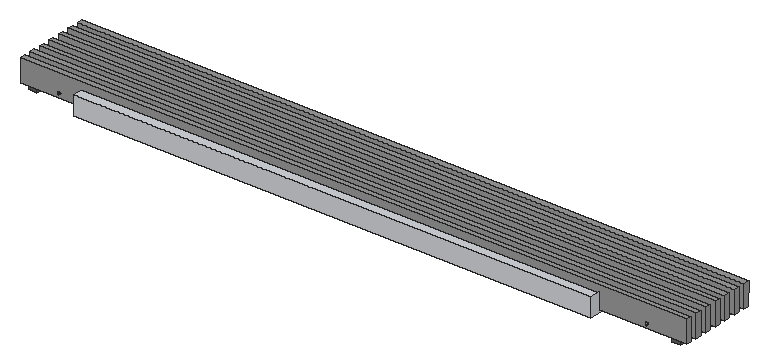
Revit family "1214-7, Solid", category Generic Models, host Face, Revit 2020
Family settings
  Host = Face
  Can host rebar = No
  Round Connector Dimension = Use Diameter
  Part Type = Normal
  Cut with Voids When Loaded = No
  Shared = No
  Room Calculation Point = No
Parameters
  min_value [instance] = 1' - 11 1/4"  # constant formula
  max_value [instance] = 11' - 11 1/4"  # constant formula
  actual_value [instance] = if(NET LENGTH < min_value, min_value, if(NET LENGTH > max_value, max_value, NET LENGTH))  # 7' - 11 1/4"
  NET LENGTH [instance] = 7' - 11 1/4"
  IMPORTANT NOTE!!!                                                                             *Backer & dowel layout is for visualization purposes only, final layout to be determined by 9Wood. [instance] = ""
  Default Elevation = 4' - 0"
  DOWEL RADIUS [instance] = 0' - 0 1/4"  # constant formula
  BACKING M MATERIAL [instance] = BLACK-BACKERS
  .. MEMBER WIDTH [instance] = 0' - 0 3/4"  # constant formula
  .. MEMBER MATERIAL [instance] = Solid Western Hemlock
  .. MEMBER DEPTH [instance] = 0' - 3 1/4"  # constant formula
  .. MEMBER COUNT [instance] = 7  # constant formula
Reference planes (in)
  plane 1 "Center (Front/Back)": y = 0
  plane 2: z = 2.726
  plane 3 "Center (Left/Right)": x = 0
Forms (in)
  Extrusion 1, solid
    sketch origin (15, -0.86619, -0.99308) x (0, 1, 0) y (-1, 0, 0)
      loop
        line (3.42869, -23.66817) -> (3.42869, 50.25) -> (-10, 50.25) -> (-10, -23.66817) -> (3.42869, -23.66817)
    from 3.71908 to 1.00111
Dimensions and locks (in)
  aligned and locked: plane 2 to Extrusion 1
Nested families (in)
  nested 1: "1200 Series" at (-44, -2, 1.87867), NET LENGTH <- "actual_value", DOWEL RADII <- "DOWEL RADIUS", .. MEMBER WIDTH <- ".. MEMBER WIDTH", .. MEMBER DEPTH <- ".. MEMBER DEPTH", .. MEMBER MATERIAL <- ".. MEMBER MATERIAL", BACKING M MATERIAL <- "BACKING M MATERIAL", .. MEMBER COUNT <- ".. MEMBER COUNT", type "1200 Series"
    with X 7' - 4", WIDTH 1' - 0 1/16", Space 0' - 0 11/16", START 0' - 0 3/8", SCRIM MATERIAL SCRIM, SCRIM 3 8' - 1", SCRIM 2 0' - 0 7/8", SCRIM 1 0' - 0 3/32", SCRIM yes, NET LENGTH 7' - 11 1/4", N 8, INSET 3 0' - 0 3/16", INSET 0' - 1", INDEX 0' - 5 5/8", END BACKER yes, DOWEL RADII 0' - 0 1/4", DOWEL COUNT 8, BACKING M WIDTH 0' - 1 1/4", BACKING M MATERIAL BLACK-BACKERS, BACKING M LENGTH 0' - 11 7/8", BACKING M DEPTH 0' - 0 1/2", .. MEMBER WIDTH 0' - 0 3/4", .. MEMBER OC TYP 0' - 1.71429", .. MEMBER MATERIAL Solid Western Hemlock, .. MEMBER DEPTH 0' - 3 1/4", .. MEMBER COUNT 7
Definition of nested family "1200 Series"
  Parameters (values of type "1200 Series")
    X [instance] = NET LENGTH - (0' 3 5/8" * 2)  # 6' - 2"
    WIDTH [instance] = 1' - 0 1/16"
    Space [instance] = 0' - 0 11/16"  # constant formula
    START [instance] = .. MEMBER WIDTH / 2  # 0' - 0 3/8"
    SCRIM MATERIAL [instance] = none
    SCRIM 3 [instance] = NET LENGTH + (SCRIM 2 * 2)  # 6' - 11"
    SCRIM 2 [instance] = 0' - 0 7/8"
    SCRIM 1 [instance] = 0' - 0 3/32"
    SCRIM [instance] = yes
    NET LENGTH [instance] = 6' - 9 1/4"
    N [instance] = if((X - (rounddown(X / 1' 0") * 1' 0")) > 1' 0", rounddown(X / 1' 0") + 2, rounddown(X / 1' 0") + 1)  # 7
    INSET 3 [instance] = 0' - 0 3/16"
    INSET [instance] = 0' - 1"
    INDEX [instance] = (NET LENGTH - ((N - 1) * 1' 0")) / 2  # 0' - 4 5/8"
    END BACKER [instance] = yes
    Default Elevation = 0' - 0"
    DOWEL RADII [instance] = 0' - 0 1/4"
    DOWEL COUNT [instance] = N  # 7
    BACKING M WIDTH [instance] = 0' - 1 1/4"
    BACKING M MATERIAL [instance] = none
    BACKING M LENGTH [instance] = 0' - 11 7/8"
    BACKING M DEPTH [instance] = 0' - 0 1/2"
    .. MEMBER WIDTH [instance] = 0' - 0 3/4"
    .. MEMBER OC TYP [instance] = 1' 0" / .. MEMBER COUNT  # 0' - 3"
    .. MEMBER MATERIAL [instance] = none
    .. MEMBER DEPTH [instance] = 0' - 1 3/8"
    .. MEMBER COUNT [instance] = 4
  Reference planes (in)
    plane 1 "Center (Front/Back)": y = -7.5
    plane 2: z = 0
    plane 3 "Center (Left/Right)": x = 0
    plane 4: x = 1
    plane 5: x = 4.625
    plane 6: x = 81.25
    plane 7: x = 80.25
    plane 8: x = 16.625
    plane 9: y = -7.3125
    plane 10: y = -4.125
    plane 11: y = -7.125
    plane 12: y = 4.5625
    plane 13: y = -4.5
    plane 14: y = -7.59375
    plane 15: x = 82.125
    plane 16: y = 4.65625
    plane 17: x = -0.875
    plane 18: z = -1.375
    plane 19: z = -0.6875
  Lines and regions (in)
    model lines
      curve 1: line (4.375, -7.5, -0.6875) -> (4.875, -7.5, -0.6875)
    model lines, not visible
      curve 2: line (4.625, -7.5, -0.9375) -> (4.625, -7.5, -0.4375)
      curve 3: line (4.375, -7.5, -0.6875) -> (4.875, -7.5, -0.6875)
      curve 4: line (16.625, -7.5, -0.9375) -> (16.625, -7.5, -0.4375)
      curve 5: line (16.375, -7.5, -0.6875) -> (16.875, -7.5, -0.6875)
      curve 6: line (28.625, -7.5, -0.9375) -> (28.625, -7.5, -0.4375)
      curve 7: line (28.375, -7.5, -0.6875) -> (28.875, -7.5, -0.6875)
      curve 8: line (40.625, -7.5, -0.9375) -> (40.625, -7.5, -0.4375)
      curve 9: line (40.375, -7.5, -0.6875) -> (40.875, -7.5, -0.6875)
      curve 10: line (52.625, -7.5, -0.9375) -> (52.625, -7.5, -0.4375)
      curve 11: line (52.375, -7.5, -0.6875) -> (52.875, -7.5, -0.6875)
      curve 12: line (64.625, -7.5, -0.9375) -> (64.625, -7.5, -0.4375)
      curve 13: line (64.375, -7.5, -0.6875) -> (64.875, -7.5, -0.6875)
      curve 14: line (76.625, -7.5, -0.9375) -> (76.625, -7.5, -0.4375)
      curve 15: line (76.375, -7.5, -0.6875) -> (76.875, -7.5, -0.6875)
  Dimensions and locks (in)
    "NET LENGTH": plane 3 "Center (Left/Right)" to plane 6
    "INSET": plane 7 to plane 6
    "INDEX": plane 3 "Center (Left/Right)" to plane 5
    plane 5 to plane 8 = 1' - 0"
    "INSET 3": plane 1 "Center (Front/Back)" to plane 9
    equal spacing: group 1, group 2, group 3, group 4  (x3)
    "START": plane 11 to plane 1 "Center (Front/Back)"
    ".. MEMBER OC TYP": plane 10 to plane 11
    "WIDTH": plane 12 to plane 1 "Center (Front/Back)"
    "START": plane 10 to plane 13
    "SCRIM 1": plane 14 to plane 1 "Center (Front/Back)"
    "SCRIM 2": plane 6 to plane 15
    "SCRIM 1": plane 12 to plane 16
    "SCRIM 2": plane 17 to plane 3 "Center (Left/Right)"
    "INSET": plane 3 "Center (Left/Right)" to plane 4
    equal spacing: group 5, group 6, group 7, group 8, group 9, group 10, group 11  (x3)
    "Space": plane 19 to plane 18
    aligned and locked: level to plane 2
    aligned and locked: nested 1 to plane 4  (x2)
    aligned and locked: plane 7 to nested 2
    aligned and locked: plane 5 to nested 3
    aligned and locked: nested 1 to plane 9
    aligned and locked: plane 1 "Center (Front/Back)" to nested 4
    aligned and locked: plane 9 to nested 2
    aligned and locked: plane 13 to nested 5
    aligned and locked: nested 3 to plane 9
    aligned and locked: plane 18 to nested 1
    aligned and locked: plane 19 to nested 3
    aligned and locked: curve 1 to plane 19
    aligned and locked: plane 8 to curve 4
    aligned and locked: curve 5 to plane 19
    aligned and locked: nested 4 to plane 18
  Automatic sketch dimensions
    curve 1 to curve 1 = 0' - 0 1/2"
    curve 1 to plane 5 = 0' - 0 1/4"
    plane 5 to curve 1 = 0' - 0 1/4"
    curve 3 to curve 2 = 0' - 0 1/4"  (x2)
    curve 2 to curve 3 = 0' - 0 1/4"  (x2)
    curve 5 to curve 4 = 0' - 0 1/4"  (x2)
    curve 4 to curve 5 = 0' - 0 1/4"  (x2)
    curve 7 to curve 6 = 0' - 0 1/4"  (x2)
    curve 6 to curve 7 = 0' - 0 1/4"  (x2)
    curve 9 to curve 8 = 0' - 0 1/4"  (x2)
    curve 8 to curve 9 = 0' - 0 1/4"  (x2)
    curve 11 to curve 10 = 0' - 0 1/4"  (x2)
    curve 10 to curve 11 = 0' - 0 1/4"  (x2)
    curve 13 to curve 12 = 0' - 0 1/4"  (x2)
    curve 12 to curve 13 = 0' - 0 1/4"  (x2)
    curve 15 to curve 14 = 0' - 0 1/4"  (x2)
    curve 14 to curve 15 = 0' - 0 1/4"  (x2)
  Nested families (in)
    nested 1: "INSTANCE - 2ND -  EXTEND SIDE H CENTER W - Parametric Cube" at (1, -1.375, -1.375) x (0, -1, 0) z (0, 0, 1), Width <- "BACKING M LENGTH", Length <- "BACKING M WIDTH", Material <- "BACKING M MATERIAL", Height <- "BACKING M DEPTH", visible <- "END BACKER", type "INSTANCE - 2ND -  EXTEND SIDE H CENTER W - Parametric Cube"
      with Width 0' - 11 7/8", Material none, Length 0' - 1 1/4", Height 0' - 0 1/2"
    nested 2: "INSTANCE - 2ND -  EXTEND SIDE H CENTER W - Parametric Cube" at (80.25, -1.375, -1.375) x (0, -1, 0) z (0, 0, 1), Width <- "BACKING M LENGTH", Length <- "BACKING M WIDTH", Material <- "BACKING M MATERIAL", Height <- "BACKING M DEPTH", visible <- "END BACKER", type "INSTANCE - 2ND -  EXTEND SIDE H CENTER W - Parametric Cube"
      with Width 0' - 11 7/8", Material none, Length 0' - 1 1/4", Height 0' - 0 1/2"
    nested 3: "Family3" at (-5.375, -7.3125, -0.6875), DOWEL RADII <- "DOWEL RADII", BACKING MEM MATERIAL <- "BACKING M MATERIAL", type "Family3"
      with DOWEL RADII 0' - 0 1/4", DOWEL LENGTH 0' - 11 7/8", BACKING MEM MATERIAL none
    nested 4: "HOLED MEMBER" at (0, -18.75, 6.19404), DOWEL RADII <- "DOWEL RADII", .. MEMBER LENGTH <- "NET LENGTH", DOWEL COUNT <- "DOWEL COUNT", DEPTH <- ".. MEMBER DEPTH", .. MEMBER WIDTH <- ".. MEMBER WIDTH", Material <- ".. MEMBER MATERIAL", DOWEL INDEX <- "INDEX", Space 2 <- "Space", type "HOLED MEMBER"
      with Width 0' - 6", Space 2 0' - 0 11/16", Material none, Length 1' - 0", Height 0' - 10.43096", DOWEL RADII 0' - 0 1/4", DOWEL OC DIST 1' - 0", DOWEL INDEX 0' - 4 5/8", DOWEL COUNT 7, DEPTH 0' - 1 3/8", .. MEMBER WIDTH 0' - 0 3/4", .. MEMBER LENGTH 6' - 9 1/4"
    nested 5: "HOLED MEMBER" at (0, -15.75, 6.19404), DOWEL RADII <- "DOWEL RADII", .. MEMBER LENGTH <- "NET LENGTH", DOWEL COUNT <- "DOWEL COUNT", DEPTH <- ".. MEMBER DEPTH", .. MEMBER WIDTH <- ".. MEMBER WIDTH", Material <- ".. MEMBER MATERIAL", DOWEL INDEX <- "INDEX", Space 2 <- "Space", type "HOLED MEMBER"
      with Width 0' - 6", Space 2 0' - 0 11/16", Material none, Length 1' - 0", Height 0' - 10.43096", DOWEL RADII 0' - 0 1/4", DOWEL OC DIST 1' - 0", DOWEL INDEX 0' - 4 5/8", DOWEL COUNT 7, DEPTH 0' - 1 3/8", .. MEMBER WIDTH 0' - 0 3/4", .. MEMBER LENGTH 6' - 9 1/4"
    nested 6: "HOLED MEMBER" at (0, -12.75, 6.19404), DOWEL RADII <- "DOWEL RADII", .. MEMBER LENGTH <- "NET LENGTH", DOWEL COUNT <- "DOWEL COUNT", DEPTH <- ".. MEMBER DEPTH", .. MEMBER WIDTH <- ".. MEMBER WIDTH", Material <- ".. MEMBER MATERIAL", DOWEL INDEX <- "INDEX", Space 2 <- "Space", type "HOLED MEMBER"
      with Width 0' - 6", Space 2 0' - 0 11/16", Material none, Length 1' - 0", Height 0' - 10.43096", DOWEL RADII 0' - 0 1/4", DOWEL OC DIST 1' - 0", DOWEL INDEX 0' - 4 5/8", DOWEL COUNT 7, DEPTH 0' - 1 3/8", .. MEMBER WIDTH 0' - 0 3/4", .. MEMBER LENGTH 6' - 9 1/4"
    nested 7: "HOLED MEMBER" at (0, -9.75, 6.19404), DOWEL RADII <- "DOWEL RADII", .. MEMBER LENGTH <- "NET LENGTH", DOWEL COUNT <- "DOWEL COUNT", DEPTH <- ".. MEMBER DEPTH", .. MEMBER WIDTH <- ".. MEMBER WIDTH", Material <- ".. MEMBER MATERIAL", DOWEL INDEX <- "INDEX", Space 2 <- "Space", type "HOLED MEMBER"
      with Width 0' - 6", Space 2 0' - 0 11/16", Material none, Length 1' - 0", Height 0' - 10.43096", DOWEL RADII 0' - 0 1/4", DOWEL OC DIST 1' - 0", DOWEL INDEX 0' - 4 5/8", DOWEL COUNT 7, DEPTH 0' - 1 3/8", .. MEMBER WIDTH 0' - 0 3/4", .. MEMBER LENGTH 6' - 9 1/4"
    nested 8: "Family3" at (6.625, -7.3125, -0.6875), DOWEL RADII <- "DOWEL RADII", BACKING MEM MATERIAL <- "BACKING M MATERIAL", type "Family3"
      with DOWEL RADII 0' - 0 1/4", DOWEL LENGTH 0' - 11 7/8", BACKING MEM MATERIAL none
    nested 9: "Family3" at (18.625, -7.3125, -0.6875), DOWEL RADII <- "DOWEL RADII", BACKING MEM MATERIAL <- "BACKING M MATERIAL", type "Family3"
      with DOWEL RADII 0' - 0 1/4", DOWEL LENGTH 0' - 11 7/8", BACKING MEM MATERIAL none
    nested 10: "Family3" at (30.625, -7.3125, -0.6875), DOWEL RADII <- "DOWEL RADII", BACKING MEM MATERIAL <- "BACKING M MATERIAL", type "Family3"
      with DOWEL RADII 0' - 0 1/4", DOWEL LENGTH 0' - 11 7/8", BACKING MEM MATERIAL none
    nested 11: "Family3" at (42.625, -7.3125, -0.6875), DOWEL RADII <- "DOWEL RADII", BACKING MEM MATERIAL <- "BACKING M MATERIAL", type "Family3"
      with DOWEL RADII 0' - 0 1/4", DOWEL LENGTH 0' - 11 7/8", BACKING MEM MATERIAL none
    nested 12: "Family3" at (54.625, -7.3125, -0.6875), DOWEL RADII <- "DOWEL RADII", BACKING MEM MATERIAL <- "BACKING M MATERIAL", type "Family3"
      with DOWEL RADII 0' - 0 1/4", DOWEL LENGTH 0' - 11 7/8", BACKING MEM MATERIAL none
    nested 13: "Family3" at (66.625, -7.3125, -0.6875), DOWEL RADII <- "DOWEL RADII", BACKING MEM MATERIAL <- "BACKING M MATERIAL", type "Family3"
      with DOWEL RADII 0' - 0 1/4", DOWEL LENGTH 0' - 11 7/8", BACKING MEM MATERIAL none
  Definition of nested family "INSTANCE - 2ND -  EXTEND SIDE H CENTER W - Parametric Cube"
    Parameters (values of type "INSTANCE - 2ND -  EXTEND SIDE H CENTER W - Parametric Cube")
      Width [instance] = 0' - 6"
      Material [instance] = none
      Length [instance] = 1' - 0"
      Height [instance] = 1' - 6"
      Default Elevation = 0' - 0"
    Reference planes (in)
      plane 1 "Center (Front/Back)": y = 0
      plane 2: z = 0
      plane 3 "Center (Left/Right)": x = 0
      plane 4: x = -3
      plane 5: x = 3
      plane 6: y = 12
      plane 7: z = -18
    Forms (in)
      Extrusion 1, solid, material <- "Material"
        sketch origin (0, 6, 0) x (1, 0, 0) y (0, 1, 0)
          loop
            line (-3, 6) -> (-3, -6) -> (3, -6) -> (3, 6) -> (-3, 6)
        from -18 to 0
    Dimensions and locks (in)
      equal spacing: plane 4, plane 3 "Center (Left/Right)", plane 5
      "Width": plane 4 to plane 5
      "Height": plane 7 to level
      "Length": plane 1 "Center (Front/Back)" to plane 6
      aligned and locked: plane 2 to level
      aligned and locked: plane 4 to Extrusion 1 sketch curve
      aligned and locked: Extrusion 1 sketch curve to plane 5
      aligned and locked: Extrusion 1 to plane 7
      aligned and locked: plane 6 to Extrusion 1
    Automatic sketch dimensions
      plane 1 "Center (Front/Back)" to Extrusion 1 sketch curve = 0' - 0"
      plane 6 to Extrusion 1 sketch curve = 0' - 0"
  Definition of nested family "Family3"
    Parameters (values of type "Family3")
      Default Elevation = 0' - 0"
      DOWEL RADII [instance] = 0' - 0 5/8"
      DOWEL LENGTH [instance] = 0' - 5"
      BACKING MEM MATERIAL [instance] = none
    Reference planes (in)
      plane 1 "Center (Front/Back)": y = 0
      plane 2: z = 0
      plane 3 "Center (Left/Right)": x = 0
      plane 4: y = 5
    Forms (in)
      Extrusion 1, solid, material <- "BACKING MEM MATERIAL"
        sketch origin (10, 0, 0) x (1, 0, 0) y (0, 0, 1)
          loop
            circle (0, 0) r 0.625
        from 0 to -5
      Extrusion 2, solid, not visible
        sketch origin (0, 0, 0) x (1, 0, 0) y (0, 0, 1)
          loop
            circle (0, 0) r 0.625
        from 0 to 12
      Extrusion 3, solid, not visible
        sketch origin (10, 0, 0) x (1, 0, 0) y (0, 0, 1)
          loop
            circle (0, 0) r 0.625
        from 0 to 2.5
      Extrusion 4, solid, not visible
        sketch origin (10, 0, 0) x (1, 0, 0) y (0, 0, 1)
          loop
            circle (0, 0) r 0.625
        from 0 to -12
    Lines and regions (in)
      model lines, not visible
        curve 1: line (-13, 0, 0) -> (-13, -12, 0)
        curve 2: line (13, 0, 0) -> (13, -12, 0)
        curve 3: line (9.89453, 0, 0) -> (10.08794, 0, 0)
        curve 4: line (9.89453, -2.5, 0) -> (10.08794, -2.5, 0)
        curve 6: line (10, 0, 0) -> (10, 2, 0)
      model lines
        curve 5: line (10, 0, 0) -> (10, 2, 0)
    Dimensions and locks (in)
      "DOWEL LENGTH": plane 1 "Center (Front/Back)" to plane 4
      "DOWEL RADII": radius of Extrusion 1 sketch curve
      "DOWEL RADII": radius of Extrusion 2 sketch curve
      "DOWEL RADII": radius of Extrusion 3 sketch curve
      "DOWEL RADII": radius of Extrusion 4 sketch curve
      "DOWEL RADII": radius of Extrusion 1
      aligned and locked: plane 2 to level
      aligned and locked: Extrusion 1 to plane 1 "Center (Front/Back)"  (x3)
      aligned and locked: plane 1 "Center (Front/Back)" to Extrusion 1
      aligned and locked: plane 4 to Extrusion 1
    Automatic sketch dimensions
      plane 1 "Center (Front/Back)" to curve 5 = 0' - 0"
      curve 5 to plane 1 "Center (Front/Back)" = 0' - 2"
      plane 3 "Center (Left/Right)" to curve 5 = 0' - 10"
      Extrusion 1 sketch curve to level = 0' - 0"
      plane 3 "Center (Left/Right)" to Extrusion 1 sketch curve = 0' - 10"
  Definition of nested family "HOLED MEMBER"
    Parameters (values of type "HOLED MEMBER")
      Width [instance] = 0' - 6"
      Space 2 [instance] = 0' - 0 5/8"
      Space = 0' - 0 5/8"
      Material [instance] = none
      Length [instance] = 1' - 0"
      Height [instance] = 0' - 10.43096"
      Default Elevation = 0' - 0"
      DOWEL RADII [instance] = 0' - 0.34537"
      DOWEL OC DIST [instance] = 1' - 0"
      DOWEL INSET = 0' - 0 5/8"
      DOWEL INDEX [instance] = 0' - 5 5/8"
      DOWEL COUNT [instance] = 6
      DEPTH [instance] = 0' - 2"
      .. MEMBER WIDTH [instance] = 0' - 0 5/8"
      .. MEMBER LENGTH [instance] = 5' - 11 3/4"
    Reference planes (in)
      plane 1 "Center (Front/Back)": y = 12
      plane 2: z = -7.56904
      plane 3 "Center (Left/Right)": x = 0
      plane 4: x = 5.625
      plane 5: x = 17.625
      plane 6: y = 11.375
      plane 7: x = 71.75
      plane 8: z = -6.94404
      plane 9: z = -5.56904
    Forms (in)
      Extrusion 1, solid, material <- "Material"
        sketch origin (0, 12, -13.56904) x (1, 0, 0) y (0, 0, 1)
          loop
            line (0, 6) -> (71.75, 6) -> (71.75, 8) -> (0, 8) -> (0, 6)
        from 0.625 to 0
      Extrusion 2, void
        sketch origin (0, 12, -18.31904) x (1, 0, 0) y (0, 0, 1)
          loop
            circle (5.625, 11.375) r 0.34537
        from 0 to 12
      Extrusion 3, void, not visible
        sketch origin (0, 1.25, 0) x (1, 0, 0) y (0, 1, 0)
          loop
            circle (5.625, 11.375) r 0.34537
        from 0 to 12
      Extrusion 4, void, not visible
        sketch origin (0, 1.25, 0) x (1, 0, 0) y (0, 1, 0)
          loop
            circle (5.625, 11.375) r 0.34537
        from 0 to 12
      Extrusion 5, void, not visible
        sketch origin (12, 1.25, 0) x (1, 0, 0) y (0, 1, 0)
          loop
            circle (5.625, 11.375) r 0.34537
        from 0 to 12
      Extrusion 6, void, not visible
        sketch origin (0, 12, -16.31904) x (1, 0, 0) y (0, 0, 1)
          loop
            circle (5.625, 11.375) r 0.34537
        from 0 to 12
      Extrusion 7, void, not visible
        sketch origin (12, 12, -16.31904) x (1, 0, 0) y (0, 0, 1)
          loop
            circle (5.625, 11.375) r 0.34537
        from 0 to 12
      Extrusion 8, void, not visible
        sketch origin (0, 12, -18.31904) x (1, 0, 0) y (0, 0, 1)
          loop
            circle (5.625, 11.375) r 0.34537
        from 0 to 12
      Extrusion 9, void
        sketch origin (12, 12, -18.31904) x (1, 0, 0) y (0, 0, 1)
          loop
            circle (5.625, 11.375) r 0.34537
        from 0 to 12
      Extrusion 10, void, not visible
        sketch origin (24, 12, -16.31904) x (1, 0, 0) y (0, 0, 1)
          loop
            circle (5.625, 11.375) r 0.34537
        from 0 to 12
      Extrusion 11, void, not visible
        sketch origin (36, 12, -16.31904) x (1, 0, 0) y (0, 0, 1)
          loop
            circle (5.625, 11.375) r 0.34537
        from 0 to 12
      Extrusion 12, void, not visible
        sketch origin (48, 12, -16.31904) x (1, 0, 0) y (0, 0, 1)
          loop
            circle (5.625, 11.375) r 0.34537
        from 0 to 12
      Extrusion 13, void, not visible
        sketch origin (60, 12, -16.31904) x (1, 0, 0) y (0, 0, 1)
          loop
            circle (5.625, 11.375) r 0.34537
        from 0 to 12
      Extrusion 14, void, not visible
        sketch origin (24, 1.25, 0) x (1, 0, 0) y (0, 1, 0)
          loop
            circle (5.625, 11.375) r 0.34537
        from 0 to 12
      Extrusion 15, void, not visible
        sketch origin (36, 1.25, 0) x (1, 0, 0) y (0, 1, 0)
          loop
            circle (5.625, 11.375) r 0.34537
        from 0 to 12
      Extrusion 16, void, not visible
        sketch origin (48, 1.25, 0) x (1, 0, 0) y (0, 1, 0)
          loop
            circle (5.625, 11.375) r 0.34537
        from 0 to 12
      Extrusion 17, void, not visible
        sketch origin (60, 1.25, 0) x (1, 0, 0) y (0, 1, 0)
          loop
            circle (5.625, 11.375) r 0.34537
        from 0 to 12
      Extrusion 18, void
        sketch origin (24, 12, -18.31904) x (1, 0, 0) y (0, 0, 1)
          loop
            circle (5.625, 11.375) r 0.34537
        from 0 to 12
      Extrusion 19, void
        sketch origin (36, 12, -18.31904) x (1, 0, 0) y (0, 0, 1)
          loop
            circle (5.625, 11.375) r 0.34537
        from 0 to 12
      Extrusion 20, void
        sketch origin (48, 12, -18.31904) x (1, 0, 0) y (0, 0, 1)
          loop
            circle (5.625, 11.375) r 0.34537
        from 0 to 12
      Extrusion 21, void
        sketch origin (60, 12, -18.31904) x (1, 0, 0) y (0, 0, 1)
          loop
            circle (5.625, 11.375) r 0.34537
        from 0 to 12
    Cuts and joins
      Extrusion 2, Extrusion 9, Extrusion 18, Extrusion 19, Extrusion 20, Extrusion 21 cuts Extrusion 1
    Lines and regions (in)
      model lines, not visible
        curve 1: line (5.625, 11.72037, 0) -> (5.625, 11.02963, 0)
        curve 2: line (5.625, 11.72037, 0) -> (5.625, 11.02963, 0)
        curve 3: line (17.625, 11.72037, 0) -> (17.625, 11.02963, 0)
        curve 4: line (5.625, 12, -7.56904) -> (5.625, 11.87317, -7.56904)
        curve 5: line (5.625, 11.87317, -7.56904) -> (5.06195, 11.87317, -7.56904)
        curve 6: line (5.06195, 11.87317, -7.56904) -> (5.27963, 11.375, -7.56904)
        curve 7: line (0, 12, -6.19404) -> (0, 11.61951, -6.19404)
        curve 8: line (0, 11.375, -8.19404) -> (0, 11.6747, -8.19404)
        curve 9: line (5.625, 12, -7.56904) -> (5.625, 11.69863, -7.56904)
        curve 11: line (5.625, 12, 0) -> (5.625, 12, 0.30137)
        curve 12: line (5.625, 12, 0) -> (5.625, 12, 0.30137)
        curve 13: line (17.625, 12, 0) -> (17.625, 12, 0.30137)
        curve 14: line (5.625, 12, -5.56904) -> (5.625, 11.69863, -5.56904)
        curve 15: line (17.625, 12, -5.56904) -> (17.625, 11.69863, -5.56904)
        curve 16: line (5.625, 12, -7.56904) -> (5.625, 11.69863, -7.56904)
        curve 18: line (29.625, 12, -5.56904) -> (29.625, 11.69863, -5.56904)
        curve 19: line (41.625, 12, -5.56904) -> (41.625, 11.69863, -5.56904)
        curve 20: line (53.625, 12, -5.56904) -> (53.625, 11.69863, -5.56904)
        curve 21: line (65.625, 12, -5.56904) -> (65.625, 11.69863, -5.56904)
        curve 22: line (29.625, 11.72037, 0) -> (29.625, 11.02963, 0)
        curve 23: line (29.625, 12, 0) -> (29.625, 12, 0.30137)
        curve 24: line (41.625, 11.72037, 0) -> (41.625, 11.02963, 0)
        curve 25: line (41.625, 12, 0) -> (41.625, 12, 0.30137)
        curve 26: line (53.625, 11.72037, 0) -> (53.625, 11.02963, 0)
        curve 27: line (53.625, 12, 0) -> (53.625, 12, 0.30137)
        curve 28: line (65.625, 11.72037, 0) -> (65.625, 11.02963, 0)
        curve 29: line (65.625, 12, 0) -> (65.625, 12, 0.30137)
        curve 35: line (5.27963, 12.625, 0) -> (5.97037, 12.625, 0)
        curve 36: line (5.27963, 12.625, 0) -> (5.97037, 12.625, 0)
        curve 37: line (17.27963, 12.625, 0) -> (17.97037, 12.625, 0)
        curve 38: line (5.27963, 12, -4.94404) -> (5.97037, 12, -4.94404)
        curve 39: line (17.27963, 12, -4.94404) -> (17.97037, 12, -4.94404)
        curve 40: line (5.27963, 12, -6.94404) -> (5.97037, 12, -6.94404)
        curve 42: line (29.27963, 12, -4.94404) -> (29.97037, 12, -4.94404)
        curve 43: line (41.27963, 12, -4.94404) -> (41.97037, 12, -4.94404)
        curve 44: line (53.27963, 12, -4.94404) -> (53.97037, 12, -4.94404)
        curve 45: line (65.27963, 12, -4.94404) -> (65.97037, 12, -4.94404)
        curve 46: line (29.27963, 12.625, 0) -> (29.97037, 12.625, 0)
        curve 47: line (41.27963, 12.625, 0) -> (41.97037, 12.625, 0)
        curve 48: line (53.27963, 12.625, 0) -> (53.97037, 12.625, 0)
        curve 49: line (65.27963, 12.625, 0) -> (65.97037, 12.625, 0)
        curve 54: line (0, 12, -6.94404) -> (0, 4.22059, -6.94404)
        curve 55: line (0, 12.625, 0) -> (0, 12.625, 7.77941)
        curve 56: line (0, 12.625, 0) -> (0, 12.625, 7.77941)
        curve 57: line (12, 12.625, 0) -> (12, 12.625, 7.77941)
        curve 58: line (0, 12, -4.94404) -> (0, 4.22059, -4.94404)
        curve 59: line (12, 12, -4.94404) -> (12, 4.22059, -4.94404)
        curve 60: line (0, 12, -6.94404) -> (0, 4.22059, -6.94404)
        curve 61: line (12, 12, -6.94404) -> (12, 4.22059, -6.94404)
        curve 62: line (24, 12, -4.94404) -> (24, 4.22059, -4.94404)
        curve 63: line (36, 12, -4.94404) -> (36, 4.22059, -4.94404)
        curve 64: line (48, 12, -4.94404) -> (48, 4.22059, -4.94404)
        curve 65: line (60, 12, -4.94404) -> (60, 4.22059, -4.94404)
        curve 66: line (24, 12.625, 0) -> (24, 12.625, 7.77941)
        curve 67: line (36, 12.625, 0) -> (36, 12.625, 7.77941)
        curve 68: line (48, 12.625, 0) -> (48, 12.625, 7.77941)
        curve 69: line (60, 12.625, 0) -> (60, 12.625, 7.77941)
        curve 70: line (24, 12, -6.94404) -> (24, 4.22059, -6.94404)
        curve 71: line (36, 12, -6.94404) -> (36, 4.22059, -6.94404)
        curve 72: line (48, 12, -6.94404) -> (48, 4.22059, -6.94404)
        curve 73: line (60, 12, -6.94404) -> (60, 4.22059, -6.94404)
      model lines
        curve 10: line (5.625, 12, -7.56904) -> (5.625, 11.69863, -7.56904)
        curve 17: line (17.625, 12, -7.56904) -> (17.625, 11.69863, -7.56904)
        curve 30: line (29.625, 12, -7.56904) -> (29.625, 11.69863, -7.56904)
        curve 31: line (41.625, 12, -7.56904) -> (41.625, 11.69863, -7.56904)
        curve 32: line (53.625, 12, -7.56904) -> (53.625, 11.69863, -7.56904)
        curve 33: line (65.625, 12, -7.56904) -> (65.625, 11.69863, -7.56904)
        curve 34: line (5.27963, 12, -6.94404) -> (5.97037, 12, -6.94404)
        curve 41: line (17.27963, 12, -6.94404) -> (17.97037, 12, -6.94404)
        curve 50: line (29.27963, 12, -6.94404) -> (29.97037, 12, -6.94404)
        curve 51: line (41.27963, 12, -6.94404) -> (41.97037, 12, -6.94404)
        curve 52: line (53.27963, 12, -6.94404) -> (53.97037, 12, -6.94404)
        curve 53: line (65.27963, 12, -6.94404) -> (65.97037, 12, -6.94404)
    Dimensions and locks (in)
      "DOWEL INDEX": plane 3 "Center (Left/Right)" to plane 4
      "DOWEL OC DIST": plane 4 to plane 5
      ".. MEMBER LENGTH": plane 3 "Center (Left/Right)" to plane 7
      equal spacing: group 3, group 4, group 17, group 18, group 19, group 20  (x3)
      equal spacing: group 7, group 8, group 13, group 14, group 15, group 16  (x3)
      equal spacing: group 1, group 12, group 21, group 22, group 23, group 24  (x3)
      ".. MEMBER WIDTH": plane 6 to plane 1 "Center (Front/Back)"
      "DEPTH": plane 9 to level
      "Space 2": plane 8 to level
      "DOWEL RADII": radius of Extrusion 2 sketch curve
      "DOWEL RADII": radius of Extrusion 3 sketch curve
      "DOWEL RADII": radius of Extrusion 4 sketch curve
      "DOWEL RADII": radius of Extrusion 5 sketch curve
      "DOWEL RADII": radius of Extrusion 6 sketch curve
      "DOWEL RADII": radius of Extrusion 7 sketch curve
      "DOWEL RADII": radius of Extrusion 8 sketch curve
      "DOWEL RADII": radius of Extrusion 9 sketch curve
      "DOWEL RADII": radius of Extrusion 10 sketch curve
      "DOWEL RADII": radius of Extrusion 11 sketch curve
      "DOWEL RADII": radius of Extrusion 12 sketch curve
      "DOWEL RADII": radius of Extrusion 13 sketch curve
      "DOWEL RADII": radius of Extrusion 14 sketch curve
      "DOWEL RADII": radius of Extrusion 15 sketch curve
      "DOWEL RADII": radius of Extrusion 16 sketch curve
      "DOWEL RADII": radius of Extrusion 17 sketch curve
      "DOWEL RADII": radius of Extrusion 18 sketch curve
      "DOWEL RADII": radius of Extrusion 19 sketch curve
      "DOWEL RADII": radius of Extrusion 20 sketch curve
      "DOWEL RADII": radius of Extrusion 21 sketch curve
      aligned and locked: level to plane 2
      aligned and locked: Extrusion 1 to plane 3 "Center (Left/Right)"  (x2)
      aligned and locked: plane 7 to cut or joined group of Extrusion 1, Extrusion 2, Extrusion 9, Extrusion 18, Extrusion 19, Extrusion 20, Extrusion 21  (x2)
      aligned and locked: cut or joined group of Extrusion 1, Extrusion 2, Extrusion 9, Extrusion 18, Extrusion 19, Extrusion 20, Extrusion 21 to plane 1 "Center (Front/Back)"  (x2)
      aligned and locked: cut or joined group of Extrusion 1, Extrusion 2, Extrusion 9, Extrusion 18, Extrusion 19, Extrusion 20, Extrusion 21 to plane 6  (x2)
      aligned and locked: plane 4 to curve 10
      aligned and locked: plane 5 to curve 17
      aligned and locked: plane 9 to cut or joined group of Extrusion 1, Extrusion 2, Extrusion 9, Extrusion 18, Extrusion 19, Extrusion 20, Extrusion 21  (x2)
      aligned and locked: cut or joined group of Extrusion 1, Extrusion 2, Extrusion 9, Extrusion 18, Extrusion 19, Extrusion 20, Extrusion 21 to level
      aligned and locked: plane 8 to Extrusion 2
      aligned and locked: curve 34 to plane 8
      aligned and locked: curve 41 to plane 8
      aligned and locked: level to curve 10
      aligned and locked: curve 10 to level
      aligned and locked: plane 8 to cut or joined group of Extrusion 1, Extrusion 2, Extrusion 9, Extrusion 18, Extrusion 19, Extrusion 20, Extrusion 21
      aligned and locked: curve 54 to plane 8
    Automatic sketch dimensions
      curve 1 to curve 1 = 0' - 0.69074"
      curve 2 to curve 2 = 0' - 0.69074"
      curve 3 to curve 3 = 0' - 0.69074"
      Extrusion 1 sketch curve to plane 3 "Center (Left/Right)" = 0' - 0"
      Extrusion 1 sketch curve to plane 7 = 0' - 0"
      Extrusion 1 sketch curve to Extrusion 1 sketch curve = 0' - 2"
      level to Extrusion 1 sketch curve = 0' - 0"
      curve 9 to curve 9 = 0' - 0.30137"
      curve 10 to curve 10 = 0' - 0.30137"
      curve 11 to curve 11 = 0' - 0.30137"
      curve 12 to curve 12 = 0' - 0.30137"
      curve 13 to curve 13 = 0' - 0.30137"
      curve 14 to curve 14 = 0' - 0.30137"
      curve 15 to curve 15 = 0' - 0.30137"
      curve 16 to curve 16 = 0' - 0.30137"
      curve 17 to curve 17 = 0' - 0.30137"
      curve 18 to curve 18 = 0' - 0.30137"
      curve 19 to curve 19 = 0' - 0.30137"
      curve 20 to curve 20 = 0' - 0.30137"
      curve 21 to curve 21 = 0' - 0.30137"
      curve 22 to curve 22 = 0' - 0.69074"
      curve 23 to curve 23 = 0' - 0.30137"
      curve 24 to curve 24 = 0' - 0.69074"
      curve 25 to curve 25 = 0' - 0.30137"
      curve 26 to curve 26 = 0' - 0.69074"
      curve 27 to curve 27 = 0' - 0.30137"
      curve 28 to curve 28 = 0' - 0.69074"
      curve 29 to curve 29 = 0' - 0.30137"
      curve 30 to curve 30 = 0' - 0.30137"
      curve 31 to curve 31 = 0' - 0.30137"
      curve 32 to curve 32 = 0' - 0.30137"
      curve 33 to curve 33 = 0' - 0.30137"
      curve 34 to curve 34 = 0' - 0.69074"
      curve 35 to curve 35 = 0' - 0.69074"
      curve 36 to curve 36 = 0' - 0.69074"
      curve 37 to curve 37 = 0' - 0.69074"
      curve 38 to curve 38 = 0' - 0.69074"
      curve 39 to curve 39 = 0' - 0.69074"
      curve 40 to curve 40 = 0' - 0.69074"
      curve 41 to curve 41 = 0' - 0.69074"
      curve 42 to curve 42 = 0' - 0.69074"
      curve 43 to curve 43 = 0' - 0.69074"
      curve 44 to curve 44 = 0' - 0.69074"
      curve 45 to curve 45 = 0' - 0.69074"
      curve 46 to curve 46 = 0' - 0.69074"
      curve 47 to curve 47 = 0' - 0.69074"
      curve 48 to curve 48 = 0' - 0.69074"
      curve 49 to curve 49 = 0' - 0.69074"
      curve 50 to curve 50 = 0' - 0.69074"
      curve 51 to curve 51 = 0' - 0.69074"
      curve 52 to curve 52 = 0' - 0.69074"
      curve 53 to curve 53 = 0' - 0.69074"
      curve 54 to curve 54 = 0' - 7.77941"
      curve 55 to curve 55 = 0' - 7.77941"
      curve 56 to curve 56 = 0' - 7.77941"
      curve 57 to curve 57 = 0' - 7.77941"
      curve 58 to curve 58 = 0' - 7.77941"
      curve 59 to curve 59 = 0' - 7.77941"
      curve 60 to curve 60 = 0' - 7.77941"
      curve 61 to curve 61 = 0' - 7.77941"
      curve 62 to curve 62 = 0' - 7.77941"
      curve 63 to curve 63 = 0' - 7.77941"
      curve 64 to curve 64 = 0' - 7.77941"
      curve 65 to curve 65 = 0' - 7.77941"
      curve 66 to curve 66 = 0' - 7.77941"
      curve 67 to curve 67 = 0' - 7.77941"
      curve 68 to curve 68 = 0' - 7.77941"
      curve 69 to curve 69 = 0' - 7.77941"
      curve 70 to curve 70 = 0' - 7.77941"
      curve 71 to curve 71 = 0' - 7.77941"
      curve 72 to curve 72 = 0' - 7.77941"
      curve 73 to curve 73 = 0' - 7.77941"
